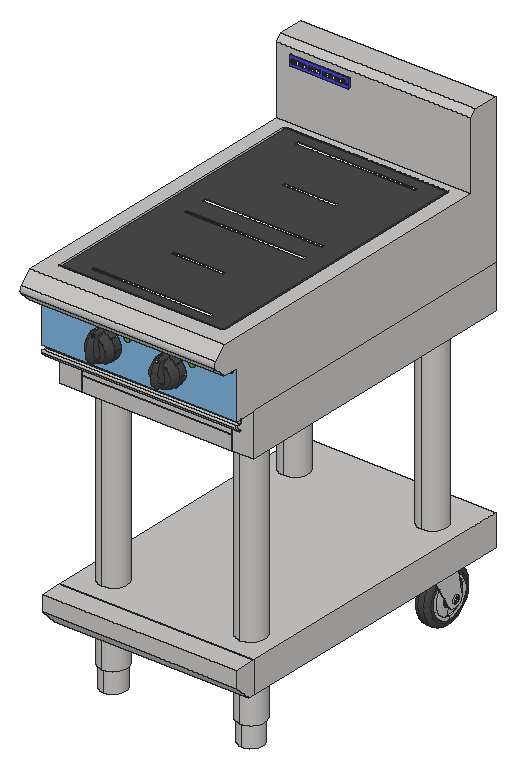
Revit family "QF_Moffat_IN512R3-LS_Induction_Cooktop_cat", category Specialty Equipment, Revit 2019
Family settings
  Round Connector Dimension = Use Diameter
  Part Type = Normal
  Work Plane-Based = No
  Always vertical = Yes
  Cut with Voids When Loaded = No
  Shared = No
  Room Calculation Point = No
Parameters (values of type "IN512R3-LS")
  Weight in Kilograms = 88
  Watts = 4150 W
  Volts = 415 V
  URL Cutsheet = ""
  Specification by User = ""
  Specification by Manufacturer = ""
  Show Logo [instance] = yes
  Show Legs [instance] = not(Show Castors)  # no
  Show Castors [instance] = yes
  Serial Number = ""
  Seismic Rating = ""
  SMACNA No = ""
  Revision Code = ""
  Phase = 3
  Number of Poles = 1
  NAFEM Spec ID Number = ""
  Model = "IN512R3-LS"
  Min Ckt Ampacity = 0 A
  Max Overcurrent Protection = 0 A
  Masterspec = ""
  Manufacturer = "Moffat"
  Length = 450 mm
  Item Number = ""
  Installed By = ""
  Identify Quantity as Lot = yes
  Height = 1085 mm
  HP = ""
  Furnished By = ""
  Foodservice Equipment Identifier = yes
  FL Amps = 10 A
  Electrical Remarks = ""
  Electric Connection Type = ""
  Elec Conn RI Height = 0 mm
  Elec Conn Connection Height = 0 mm
  Description = "Induction Cooktop"
  Depth = 812.2 mm
  Cycle = 60 Hz
  Conn Plug = ""
  Conn Conduit = yes
  CSI MasterFormat = ""
  Apparent Power = if(Phase = 3, Volts * FL Amps * 1.73, Volts * FL Amps)  # 7179.5 VA
Reference planes
  plane 1 "BACK": y = 0
  plane 2: z = 0
  plane 3 "LEFT": x = 0
  plane 4 "RIGHT": x = 450
  plane 5 "FRONT": y = -812.2
  plane 6 "TOP": z = 1085
  plane 7 "Center Y": x = 225
  plane 8 "Center X": y = -406.1
  plane 9: x = 65.5
  plane 10: x = 384.5
  plane 11: y = -30
  plane 12: x = 320
  plane 13: z = 635
  plane 14: y = -100
  plane 15: y = -625
  plane 16: z = 150
Forms (mm)
  Extrusion 1, solid, material "QF_Metal_Stainless_Polished"
    sketch origin (0, 0, 560) x (0, 1, 0) y (0, 0, 1)
      loop
        line (0, 180) -> (0, 525) -> (-57, 525) -> (-70, 512) -> (-70, 354.5) -> (-784.171, 354.5) -> (-808.685, 329.985)
        arc (-808.685, 329.985) -> (-812.2, 321.5) -> (-808.685, 313.015) r 12
        line (-808.685, 313.015) -> (-785.171, 289.5) -> (-749, 289.5) -> (-749, 180) -> (0, 180)
    from 0 to 450
  Extrusion 2, void
    sketch origin (0, -784.171, 914.5) x (0, 1, 0) y (-1, 0, 0)
      loop
        arc (696.671, -39.5) -> (694.913, -35.257) -> (690.671, -33.5) r 6
        line (690.671, -33.5) -> (44.671, -33.5)
        arc (44.671, -33.5) -> (40.428, -35.257) -> (38.671, -39.5) r 6
        line (38.671, -39.5) -> (38.671, -410.5)
        arc (38.671, -410.5) -> (40.428, -414.743) -> (44.671, -416.5) r 6
        line (44.671, -416.5) -> (690.671, -416.5)
        arc (690.671, -416.5) -> (694.913, -414.743) -> (696.671, -410.5) r 6
        line (696.671, -410.5) -> (696.671, -39.5)
    from 0 to -9.5
  Extrusion 3, solid, material "QF_Plastic_White_Smooth"
    sketch origin (0, -784.171, 905) x (0, 1, 0) y (-1, 0, 0)
      loop
        line (660.921, -362.5) -> (666.921, -362.5) -> (666.921, -87.5) -> (660.921, -87.5) -> (660.921, -362.5)
      loop
        line (526.421, -285) -> (532.421, -285) -> (532.421, -165) -> (526.421, -165) -> (526.421, -285)
      loop
        line (397.921, -87.5) -> (391.921, -87.5) -> (391.921, -362.5) -> (397.921, -362.5) -> (397.921, -87.5)
      loop
        line (337.421, -362.5) -> (343.421, -362.5) -> (343.421, -87.5) -> (337.421, -87.5) -> (337.421, -362.5)
      loop
        line (202.921, -285) -> (208.921, -285) -> (208.921, -165) -> (202.921, -165) -> (202.921, -285)
      loop
        line (74.421, -87.5) -> (68.421, -87.5) -> (68.421, -362.5) -> (74.421, -362.5) -> (74.421, -87.5)
    from 0 to 9.5
  Extrusion 4, solid, material "QF_Plastic_Black_Smooth"
    sketch origin (0, -784.171, 914.5) x (0, 1, 0) y (-1, 0, 0)
      loop
        line (692.671, -410.5) -> (692.671, -39.5)
        arc (692.671, -39.5) -> (692.085, -38.086) -> (690.671, -37.5) r 2
        line (690.671, -37.5) -> (44.671, -37.5)
        arc (44.671, -37.5) -> (43.256, -38.086) -> (42.671, -39.5) r 2
        line (42.671, -39.5) -> (42.671, -410.5)
        arc (42.671, -410.5) -> (43.256, -411.914) -> (44.671, -412.5) r 2
        line (44.671, -412.5) -> (690.671, -412.5)
        arc (690.671, -412.5) -> (692.085, -411.914) -> (692.671, -410.5) r 2
      loop
        line (666.921, -362.5) -> (666.921, -87.5) -> (660.921, -87.5) -> (660.921, -362.5) -> (666.921, -362.5)
      loop
        line (532.421, -285) -> (532.421, -165) -> (526.421, -165) -> (526.421, -285) -> (532.421, -285)
      loop
        line (397.921, -362.5) -> (397.921, -87.5) -> (391.921, -87.5) -> (391.921, -362.5) -> (397.921, -362.5)
      loop
        line (343.421, -87.5) -> (337.421, -87.5) -> (337.421, -362.5) -> (343.421, -362.5) -> (343.421, -87.5)
      loop
        line (208.921, -165) -> (202.921, -165) -> (202.921, -285) -> (208.921, -285) -> (208.921, -165)
      loop
        line (68.421, -362.5) -> (74.421, -362.5) -> (74.421, -87.5) -> (68.421, -87.5) -> (68.421, -362.5)
    from 0 to -9.5
  Extrusion 5, solid, material "QF_Metal_Stainless_Polished"
    sketch origin (0, 0, 600) x (0, 1, 0) y (0, 0, 1)
      loop
        line (-737.8, 140) -> (-737.8, 130) -> (-747.305, 130)
        arc (-747.305, 130) -> (-750.276, 128.015) -> (-749.579, 124.511) r 3.215
        line (-749.579, 124.511) -> (-739.05, 113.982) -> (-737.919, 115.113) -> (-748.447, 125.642)
        arc (-748.447, 125.642) -> (-748.797, 127.403) -> (-747.305, 128.4) r 1.615
        line (-747.305, 128.4) -> (-736.2, 128.4) -> (-736.2, 140) -> (-737.8, 140)
    from 0 to 450
  Extrusion 6, solid, material "QF_Plastic_Black_Smooth"
    sketch origin (0, -749, 743.875) x (0, 0, 1) y (-1, 0, 0)
      loop
        circle (97.343, -13.157) r 5
      loop
        circle (97.343, -436.843) r 5
      loop
        circle (97.343, -150) r 5
      loop
        circle (97.343, -300) r 5
    from 0 to 1.6
  Extrusion 7, solid, material "QF_Metal_Stainless_Polished"
    sketch origin (0, -699, 640) x (0, 1, 0) y (1, 0, 0)
      loop
        circle (669, 320) r 6.35
    from 0 to 1.6
  Extrusion 8, solid, material "QF_Metal_Stainless_Polished"
    sketch origin (0, -699, 645) x (1, 0, 0) y (0, -1, 0)
      loop
        line (0, -699) -> (450, -699) -> (450, 0) -> (399.2, 0) -> (399.2, -25.4) -> (50.8, -25.4) -> (50.8, 0) -> (0, 0) -> (0, -699)
    from 5 to -95
  Extrusion 9, solid, material "QF_Metal_Stainless_Polished"
    sketch origin (50.8, -30, 645) x (0, 1, 0) y (0, 0, 1)
      loop
        line (-669, -5) -> (-643.6, -5) -> (-643.6, 27.7) -> (-669, 27.7) -> (-669, -5)
      loop
        line (-669, 28.7) -> (-643.6, 28.7) -> (-643.6, 61.4) -> (-669, 61.4) -> (-669, 28.7)
      loop
        line (-669, 62.4) -> (-643.6, 62.4) -> (-643.6, 95) -> (-669, 95) -> (-669, 62.4)
    from 0 to 348.4
  Revolve 10, solid, material "QF_Metal_Stainless_Polished"
    sketch origin (65.5, -4572, 255.2) x (0, 0, -1) y (0, -1, 0)
      loop
        line (32.7, -4503.75) -> (32.7, -4472) -> (-384.8, -4472) -> (-384.8, -4503.75) -> (32.7, -4503.75)
      axis (-384.8, -4472) -> (32.7, -4472)
    angle from 0 to 360
  Revolve 11, solid, material "QF_Metal_Stainless_Polished"
    sketch origin (65.5, -4572, 255.2) x (0, 0, -1) y (0, -1, 0)
      loop
        line (255.2, -3974.5) -> (255.2, -3947) -> (-384.8, -3947) -> (-384.8, -3978.75) -> (205.2, -3978.75) -> (205.2, -3974.5) -> (255.2, -3974.5)
      axis (-384.8, -3947) -> (255.2, -3947)
    angle from 0 to 360
  Revolve 12, solid, material "QF_Metal_Stainless_Polished"
    sketch origin (384.5, -4572, 255.2) x (0, 0, -1) y (0, 1, 0)
      loop
        line (32.7, 4503.75) -> (-384.8, 4503.75) -> (-384.8, 4472) -> (32.7, 4472) -> (32.7, 4503.75)
      axis (-384.8, 4472) -> (32.7, 4472)
    angle from 0 to 360
  Revolve 13, solid, material "QF_Metal_Stainless_Polished"
    sketch origin (384.5, -4572, 255.2) x (0, 0, -1) y (0, 1, 0)
      loop
        line (255.2, 3974.5) -> (205.2, 3974.5) -> (205.2, 3978.75) -> (-384.8, 3978.75) -> (-384.8, 3947) -> (255.2, 3947) -> (255.2, 3974.5)
      axis (-384.8, 3947) -> (255.2, 3947)
    angle from 0 to 360
  Extrusion 14, solid, material "QF_Metal_Stainless_Polished"
    sketch origin (0, 0, 0) x (0, 1, 0) y (0, 0, 1)
      loop
        line (-747.95, 186) -> (-711.95, 150) -> (-697.95, 150) -> (-697.95, 222.5) -> (-747.95, 222.5) -> (-747.95, 186)
    from 0 to 450
  Extrusion 15, solid, material "QF_Metal_Stainless_Polished"
    sketch origin (0, 0, 0) x (0, 1, 0) y (0, 0, 1)
      loop
        line (-697.95, 222.5) -> (-697.95, 150) -> (0, 150) -> (0, 222.5) -> (-697.95, 222.5)
    from 0 to 450
  Revolve 16, solid, material "QF_Metal_Stainless_Polished", visible <- "Show Legs"
    sketch origin (65.5, -4047, 255.2) x (0, 0, -1) y (0, -1, 0)
      loop
        line (255.2, -3974.5) -> (255.2, -3947) -> (105.2, -3947) -> (105.2, -3978.75) -> (205.2, -3978.75) -> (205.2, -3974.5) -> (255.2, -3974.5)
      axis (105.2, -3947) -> (255.2, -3947)
    angle from 0 to 360
  Revolve 17, solid, material "QF_Metal_Stainless_Polished", visible <- "Show Legs"
    sketch origin (384.5, -4047, 255.2) x (0, 0, -1) y (0, -1, 0)
      loop
        line (255.2, -3974.5) -> (255.2, -3947) -> (105.2, -3947) -> (105.2, -3978.75) -> (205.2, -3978.75) -> (205.2, -3974.5) -> (255.2, -3974.5)
      axis (105.2, -3947) -> (255.2, -3947)
    angle from 0 to 360
  Extrusion 18, solid, material "QF_Paint_Green"
    sketch origin (-84.269, -749, 740) x (0, 0, 1) y (-1, 0, 0)
      loop
        circle (84.8, -282.5) r 7.15
    from 0 to 1.6
  Extrusion 19, solid, material "QF_Paint_Green"
    sketch origin (65.731, -749, 740) x (0, 0, 1) y (-1, 0, 0)
      loop
        circle (84.8, -282.5) r 7.15
    from 0 to 1.6
Cuts and joins
  Extrusion 2 cuts Extrusion 1
  joined: Revolve 11, Revolve 13, Extrusion 15
Lines and regions (mm)
  symbolic lines
    curve 1: line (0, 0, 0) -> (450, 0, 0)
    curve 2: line (0, -812.2, 0) -> (0, 0, 0)
    curve 3: line (450, -812.2, 0) -> (0, -812.2, 0)
    curve 4: line (450, 0, 0) -> (450, -812.2, 0)
    curve 5: line (0, -784.171, 0) -> (450, -784.171, 0)
    curve 6: line (0, -57, 0) -> (450, -57, 0)
    curve 7: line (0, -70, 0) -> (450, -70, 0)
    curve 8: line (39.5, -87.5, 0) -> (410.5, -87.5, 0)
    curve 9: arc (410.5, -87.5, 0) -> (414.743, -89.257, 0) -> (416.5, -93.5, 0) r 6
    curve 10: line (416.5, -93.5, 0) -> (416.5, -739.5, 0)
    curve 11: arc (416.5, -739.5, 0) -> (414.743, -743.743, 0) -> (410.5, -745.5, 0) r 6
    curve 12: line (410.5, -745.5, 0) -> (39.5, -745.5, 0)
    curve 13: arc (39.5, -745.5, 0) -> (35.257, -743.743, 0) -> (33.5, -739.5, 0) r 6
    curve 14: line (33.5, -739.5, 0) -> (33.5, -93.5, 0)
    curve 15: arc (33.5, -93.5, 0) -> (35.257, -89.257, 0) -> (39.5, -87.5, 0) r 6
    curve 16: line (410.5, -91.5, 0) -> (39.5, -91.5, 0)
    curve 17: arc (39.5, -91.5, 0) -> (38.086, -92.086, 0) -> (37.5, -93.5, 0) r 2
    curve 18: line (37.5, -93.5, 0) -> (37.5, -739.5, 0)
    curve 19: arc (37.5, -739.5, 0) -> (38.086, -740.914, 0) -> (39.5, -741.5, 0) r 2
    curve 20: line (39.5, -741.5, 0) -> (410.5, -741.5, 0)
    curve 21: arc (410.5, -741.5, 0) -> (411.914, -740.914, 0) -> (412.5, -739.5, 0) r 2
    curve 22: line (412.5, -739.5, 0) -> (412.5, -93.5, 0)
    curve 23: arc (412.5, -93.5, 0) -> (411.914, -92.086, 0) -> (410.5, -91.5, 0) r 2
    curve 24: line (362.5, -123.25, 0) -> (87.5, -123.25, 0)
    curve 25: line (87.5, -123.25, 0) -> (87.5, -117.25, 0)
    curve 26: line (87.5, -117.25, 0) -> (362.5, -117.25, 0)
    curve 27: line (362.5, -117.25, 0) -> (362.5, -123.25, 0)
    curve 28: line (285, -257.75, 0) -> (165, -257.75, 0)
    curve 29: line (165, -257.75, 0) -> (165, -251.75, 0)
    curve 30: line (165, -251.75, 0) -> (285, -251.75, 0)
    curve 31: line (285, -251.75, 0) -> (285, -257.75, 0)
    curve 32: line (362.5, -392.25, 0) -> (87.5, -392.25, 0)
    curve 33: line (87.5, -392.25, 0) -> (87.5, -386.25, 0)
    curve 34: line (87.5, -386.25, 0) -> (362.5, -386.25, 0)
    curve 35: line (362.5, -386.25, 0) -> (362.5, -392.25, 0)
    curve 36: line (362.5, -446.75, 0) -> (87.5, -446.75, 0)
    curve 37: line (87.5, -446.75, 0) -> (87.5, -440.75, 0)
    curve 38: line (87.5, -440.75, 0) -> (362.5, -440.75, 0)
    curve 39: line (362.5, -440.75, 0) -> (362.5, -446.75, 0)
    curve 40: line (285, -581.25, 0) -> (165, -581.25, 0)
    curve 41: line (165, -581.25, 0) -> (165, -575.25, 0)
    curve 42: line (165, -575.25, 0) -> (285, -575.25, 0)
    curve 43: line (285, -575.25, 0) -> (285, -581.25, 0)
    curve 44: line (362.5, -715.75, 0) -> (87.5, -715.75, 0)
    curve 45: line (87.5, -715.75, 0) -> (87.5, -709.75, 0)
    curve 46: line (87.5, -709.75, 0) -> (362.5, -709.75, 0)
    curve 47: line (362.5, -709.75, 0) -> (362.5, -715.75, 0)
Dimensions and locks
  equal spacing: plane 3 "LEFT", plane 7 "Center Y", plane 4 "RIGHT"
  "Length": plane 3 "LEFT" to plane 4 "RIGHT"
  equal spacing: plane 5 "FRONT", plane 8 "Center X", plane 1 "BACK"
  "Depth": plane 5 "FRONT" to plane 1 "BACK"
  "Height": plane 6 "TOP" to level
  plane 9 to plane 10 = 319 mm
  plane 4 "RIGHT" to plane 3 "LEFT" = 450 mm
  plane 1 "BACK" to cut or joined group of Extrusion 1, Extrusion 2 = 70 mm
  plane 1 "BACK" to plane 5 "FRONT" = 812.2 mm
  plane 6 "TOP" to plane 2 = 1085 mm
  cut or joined group of Extrusion 1, Extrusion 2 to plane 2 = 914.5 mm
  locked: plane 12 to plane 4 "RIGHT" at 130
  plane 1 "BACK" to plane 11 = 30 mm
  plane 1 "BACK" to plane 14 to plane 15 = 100 mm, 525 mm
  plane 2 to plane 13 = 635 mm
  plane 16 to plane 2 = 150 mm
  aligned and locked: level to plane 2
Automatic sketch dimensions
  plane 1 "BACK" to curve 1 = 0 mm
  curve 1 to plane 3 "LEFT" = 0 mm
  curve 3 to plane 4 "RIGHT" = 0 mm
  plane 5 "FRONT" to curve 3 = 0 mm
  curve 3 to curve 5 = 28.029 mm
  curve 7 to plane 14 = 30 mm
  curve 7 to curve 6 = 13 mm
  Extrusion 1 sketch curve to plane 6 "TOP" = 0 mm
  Extrusion 1 sketch curve to plane 1 "BACK" = 0 mm
  plane 11 to Extrusion 1 sketch curve = 27 mm
  Extrusion 1 sketch curve to plane 6 "TOP" = 13 mm
  Extrusion 1 sketch curve to Extrusion 1 sketch curve = 13 mm
  Extrusion 1 sketch curve to plane 5 "FRONT" = 63.2 mm
  Extrusion 1 sketch curve to plane 5 "FRONT" = 28.029 mm
  Extrusion 1 sketch curve to plane 5 "FRONT" = 27.029 mm
  Extrusion 1 sketch curve to plane 5 "FRONT" = 12 mm
  Extrusion 1 sketch curve to plane 5 "FRONT" = 3.515 mm  (x2)
  Extrusion 1 sketch curve to plane 6 "TOP" = 170.5 mm
  Extrusion 1 sketch curve to Extrusion 1 sketch curve = 24.515 mm
  Extrusion 1 sketch curve to Extrusion 1 sketch curve = 8.485 mm
  Extrusion 1 sketch curve to Extrusion 1 sketch curve = 32 mm
  Extrusion 1 sketch curve to plane 13 = 105 mm
  Extrusion 2 sketch curve to Extrusion 1 = 38.671 mm
  Extrusion 2 sketch curve to Extrusion 2 sketch curve = 6 mm  (x3)
  Extrusion 1 to Extrusion 2 sketch curve = 23.5 mm  (x2)
  Extrusion 1 to Extrusion 2 sketch curve = 33.5 mm
  Extrusion 1 to Extrusion 2 sketch curve = 39.5 mm
  Extrusion 4 sketch curve to Extrusion 1 = 42.671 mm
  Extrusion 4 sketch curve to Extrusion 4 sketch curve = 2 mm  (x3)
  Extrusion 1 to Extrusion 4 sketch curve = 23.5 mm  (x2)
  Extrusion 1 to Extrusion 4 sketch curve = 37.5 mm
  Extrusion 1 to Extrusion 4 sketch curve = 39.5 mm
  Extrusion 5 sketch curve to Extrusion 5 sketch curve = 0 mm  (x2)
  Extrusion 5 sketch curve to plane 5 "FRONT" = 62.621 mm
  Extrusion 5 sketch curve to Extrusion 5 sketch curve = 1.131 mm  (x3)
  Extrusion 5 sketch curve to Extrusion 5 sketch curve = 1.142 mm  (x2)
  Extrusion 5 sketch curve to Extrusion 5 sketch curve = 10.529 mm
  Extrusion 5 sketch curve to Extrusion 5 sketch curve = 9.505 mm
  Extrusion 5 sketch curve to Extrusion 5 sketch curve = 1.6 mm
  Extrusion 5 sketch curve to plane 13 = 78.982 mm
  Extrusion 5 sketch curve to Extrusion 5 sketch curve = 10 mm
  Extrusion 8 to Extrusion 7 sketch curve = 30 mm
  Extrusion 7 sketch curve to Extrusion 8 = 79.2 mm
  plane 1 "BACK" to Extrusion 8 sketch curve = 0 mm
  Extrusion 8 sketch curve to plane 3 "LEFT" = 0 mm
  Extrusion 8 sketch curve to plane 4 "RIGHT" = 0 mm
  plane 9 to Extrusion 8 sketch curve = 14.7 mm
  Extrusion 8 sketch curve to plane 10 = 14.7 mm
  plane 15 to Extrusion 8 sketch curve = 48.6 mm
  Extrusion 8 sketch curve to Extrusion 8 sketch curve = 25.4 mm  (x2)
  Extrusion 9 sketch curve to Extrusion 8 = 0 mm  (x8)
  Extrusion 8 to Extrusion 9 sketch curve = 32.7 mm
  Extrusion 9 sketch curve to Extrusion 9 sketch curve = 1 mm  (x2)
  Extrusion 9 sketch curve to Extrusion 9 sketch curve = 32.7 mm
  Revolve 10 sketch curve to plane 14 = 0 mm  (x2)
  Revolve 10 sketch curve to plane 13 = 5 mm
  Revolve 10 sketch curve to plane 14 = 31.75 mm
  plane 16 to Revolve 10 sketch curve = 72.5 mm
  Revolve 10 sketch curve to Revolve 10 sketch curve = 0 mm
  plane 16 to Revolve 10 sketch curve = 25 mm
  Revolve 11 sketch curve to plane 15 = 0 mm  (x2)
  Revolve 11 sketch curve to level = 0 mm  (x2)
  level to Revolve 11 sketch curve = 50 mm
  Revolve 11 sketch curve to plane 13 = 5 mm
  Revolve 11 sketch curve to Revolve 11 sketch curve = 27.5 mm
  Revolve 11 sketch curve to Revolve 11 sketch curve = 31.75 mm
  Revolve 11 sketch curve to Revolve 11 sketch curve = 25 mm
  Revolve 12 sketch curve to plane 14 = 0 mm  (x2)
  Revolve 12 sketch curve to plane 13 = 5 mm
  Revolve 12 sketch curve to plane 14 = 31.75 mm
  plane 16 to Revolve 12 sketch curve = 72.5 mm
  Revolve 12 sketch curve to Revolve 12 sketch curve = 0 mm
  Revolve 12 sketch curve to Revolve 12 sketch curve = 25 mm
  Revolve 13 sketch curve to plane 15 = 0 mm  (x2)
  Revolve 13 sketch curve to level = 0 mm  (x2)
  level to Revolve 13 sketch curve = 50 mm
  Revolve 13 sketch curve to plane 13 = 5 mm
  Revolve 13 sketch curve to plane 15 = 27.5 mm
  Revolve 13 sketch curve to Revolve 13 sketch curve = 4.25 mm
  Revolve 13 sketch curve to Revolve 13 sketch curve = 25 mm
  Extrusion 14 sketch curve to plane 16 = 0 mm
  Extrusion 14 sketch curve to plane 5 "FRONT" = 64.25 mm
  Extrusion 14 sketch curve to Extrusion 14 sketch curve = 36 mm
  Extrusion 14 sketch curve to Extrusion 14 sketch curve = 14 mm
  plane 16 to Extrusion 14 sketch curve = 36 mm
  Extrusion 14 sketch curve to Extrusion 14 sketch curve = 36.5 mm
  Extrusion 15 sketch curve to plane 16 = 0 mm
  Extrusion 15 sketch curve to plane 1 "BACK" = 0 mm
  plane 15 to Extrusion 15 sketch curve = 72.95 mm
  Extrusion 15 sketch curve to Extrusion 15 sketch curve = 72.5 mm
  Revolve 16 sketch curve to plane 14 = 0 mm  (x2)
  Revolve 16 sketch curve to plane 16 = 0 mm
  Revolve 16 sketch curve to level = 0 mm  (x2)
  level to Revolve 16 sketch curve = 50 mm
  Revolve 16 sketch curve to Revolve 16 sketch curve = 27.5 mm
  Revolve 16 sketch curve to plane 14 = 31.75 mm
  Revolve 16 sketch curve to Revolve 16 sketch curve = 25 mm
  Revolve 17 sketch curve to plane 14 = 0 mm  (x2)
  Revolve 17 sketch curve to plane 16 = 0 mm
  Revolve 17 sketch curve to level = 0 mm  (x2)
  level to Revolve 17 sketch curve = 50 mm
  Revolve 17 sketch curve to Revolve 17 sketch curve = 27.5 mm
  Revolve 17 sketch curve to plane 14 = 31.75 mm
  Revolve 17 sketch curve to Revolve 17 sketch curve = 25 mm
  Extrusion 1 to Extrusion 18 sketch curve = 24.7 mm
  Extrusion 1 to Extrusion 18 sketch curve = 198.231 mm
  Extrusion 1 to Extrusion 19 sketch curve = 24.7 mm
  Extrusion 1 to Extrusion 19 sketch curve = 101.769 mm
  curve 14 to plane 14 = 6.5 mm
  plane 9 to curve 14 = 32 mm
  curve 14 to curve 15 = 6 mm
  curve 13 to curve 13 = 6 mm
  curve 9 to plane 14 = 6.5 mm
  curve 9 to plane 10 = 26 mm
  curve 12 to curve 10 = 6 mm
  curve 5 to curve 12 = 38.671 mm
  curve 9 to curve 23 = 0 mm  (x2)
  curve 11 to curve 21 = 0 mm  (x2)
  curve 13 to curve 19 = 0 mm  (x2)
  curve 15 to curve 17 = 0 mm
  curve 18 to curve 15 = 2 mm
  Extrusion 1 to Extrusion 4 sketch curve = 53.25 mm
  Extrusion 4 sketch curve to Extrusion 4 sketch curve = 6 mm  (x6)
  Extrusion 4 sketch curve to Extrusion 4 sketch curve = 48 mm  (x4)
  Extrusion 4 sketch curve to Extrusion 4 sketch curve = 134.5 mm  (x3)
  Extrusion 4 sketch curve to Extrusion 4 sketch curve = 77.5 mm  (x2)
  Extrusion 4 sketch curve to Extrusion 4 sketch curve = 120 mm  (x2)
  Extrusion 1 to Extrusion 4 sketch curve = 87.5 mm  (x2)
  Extrusion 4 sketch curve to Extrusion 4 sketch curve = 54.5 mm
  Extrusion 4 sketch curve to Extrusion 4 sketch curve = 0 mm  (x2)
  Extrusion 4 sketch curve to Extrusion 4 sketch curve = 23.75 mm
  Extrusion 3 sketch curve to Extrusion 2 = 35.75 mm  (x2)
  Extrusion 3 sketch curve to Extrusion 3 sketch curve = 6 mm  (x6)
  Extrusion 3 sketch curve to Extrusion 2 = 54 mm  (x7)
  Extrusion 3 sketch curve to Extrusion 3 sketch curve = 128.5 mm  (x3)
  Extrusion 3 sketch curve to Extrusion 2 = 131.5 mm  (x2)
  Extrusion 3 sketch curve to Extrusion 3 sketch curve = 120 mm  (x2)
  Extrusion 3 sketch curve to Extrusion 3 sketch curve = 48.5 mm
  Extrusion 3 sketch curve to Extrusion 3 sketch curve = 0 mm
  curve 24 to plane 9 = 22 mm
  plane 10 to curve 26 = 22 mm
  plane 14 to curve 24 = 23.25 mm
  curve 24 to curve 27 = 6 mm
  curve 28 to plane 7 "Center Y" = 60 mm
  plane 12 to curve 31 = 35 mm
  plane 8 "Center X" to curve 29 = 148.35 mm
  curve 28 to curve 30 = 6 mm
  curve 32 to plane 9 = 22 mm
  plane 10 to curve 34 = 22 mm
  plane 8 "Center X" to curve 32 = 13.85 mm
  curve 32 to curve 34 = 6 mm
  curve 38 to plane 9 = 22 mm
  plane 10 to curve 36 = 22 mm
  curve 37 to plane 8 "Center X" = 40.65 mm
  curve 36 to curve 38 = 6 mm
  curve 40 to plane 7 "Center Y" = 60 mm
  plane 12 to curve 43 = 35 mm
  curve 41 to plane 15 = 43.75 mm
  curve 40 to curve 42 = 6 mm
  curve 44 to plane 9 = 22 mm
  plane 10 to curve 46 = 22 mm
  curve 11 to curve 47 = 23.75 mm
  curve 44 to curve 47 = 6 mm
  Extrusion 1 to Extrusion 6 sketch curve = 8.282 mm  (x4)
  Extrusion 1 to Extrusion 6 sketch curve = 13.157 mm  (x2)
  Extrusion 6 sketch curve to Extrusion 6 sketch curve = 136.843 mm
  Extrusion 1 to Extrusion 6 sketch curve = 150 mm
  radius of Extrusion 7 sketch curve = 6.35 mm
  radius of Extrusion 18 sketch curve = 7.15 mm
  radius of Extrusion 19 sketch curve = 7.15 mm
  radius of Extrusion 6 sketch curve = 5 mm  (x4)
Nested families
  nested 1: "QF_LOGO_BLue Seal" at (32, -70, 1034.385), visible <- "Show Logo", type "QF_LOGO_BLue Seal"
  nested 2: "6 INCHES 02_CASTER" at (65.5, -100, 0), Show Casters <- "Show Castors", type "6 INCHES 02_CASTER"
    with Type Mark "", Specification by User "", Show Casters yes, Revision Code "", Item Number "", Installed By "", Identify Quantity as Lot yes, Furnished By "", Foodservice Equipment Identifier yes
  nested 3: "6 INCHES 02_CASTER" at (384.5, -100, 0), Show Casters <- "Show Castors", type "6 INCHES 02_CASTER"
    with Type Mark "", Specification by User "", Show Casters yes, Revision Code "", Item Number "", Installed By "", Identify Quantity as Lot yes, Furnished By "", Foodservice Equipment Identifier yes
  nested 4: "Knob" at (117.5, -739.5, 764.5), type "Knob"
  nested 5: "Knob" at (267.5, -739.5, 764.5), type "Knob"
Connectors
  electrical at (320, -30, 638.4), driven by "Volts", driven by "Watts"
    settings: on Extrusion 7, index 1, voltage 415 V, apparent load 4150 VA, apparent load phase1 0 VA, apparent load phase2 0 VA, apparent load phase3 0 VA, power factor 1, load classification "Other", number of poles 1, system type 30, power factor state 1, is connector primary yes, connector utility no, sub classification motor no, connector description "Electrical Connection"
Definition of nested family "QF_LOGO_BLue Seal"
  Parameters (values of type "QF_LOGO_BLue Seal")
    Weight in Pounds = 0
    URL Cutsheet = ""
    Specification by User = ""
    Specification by Manufacturer = ""
    Serial Number = ""
    Seismic Rating = ""
    SMACNA No = ""
    Revision Code = ""
    NAFEM Spec ID Number = ""
    Masterspec = ""
    Length = 138 mm
    Item Number = ""
    Installed By = ""
    Identify Quantity as Lot = yes
    Height = 23 mm
    Furnished By = ""
    Foodservice Equipment Identifier = yes
    Depth = 3.175 mm
    CSI MasterFormat = ""
  Reference planes
    plane 1 "BACK": y = 0
    plane 2: z = 0
    plane 3 "LEFT": x = 0
    plane 4 "RIGHT": x = 138
    plane 5 "FRONT": y = -3.175
    plane 6 "TOP": z = 23
    plane 7 "Center Y": x = 69
    plane 8 "Center X": y = -1.587
  Forms (mm)
    Extrusion 1, solid
      sketch origin (0, 0, 0) x (1, 0, 0) y (0, 0, 1)
        loop
          arc (2, 23) -> (0.586, 22.414) -> (0, 21) r 2
          line (0, 21) -> (0, 2)
          arc (0, 2) -> (0.586, 0.586) -> (2, 0) r 2
          line (2, 0) -> (136, 0)
          arc (136, 0) -> (137.414, 0.586) -> (138, 2) r 2
          line (138, 2) -> (138, 21)
          arc (138, 21) -> (137.414, 22.414) -> (136, 23) r 2
          line (136, 23) -> (2, 23)
        loop
          arc (16.625, 15.317) -> (15.943, 15.034) -> (15.66, 14.352) r 0.965
          line (15.66, 14.352) -> (15.66, 8.169)
          arc (15.66, 8.169) -> (15.953, 7.461) -> (16.66, 7.169) r 1
          line (16.66, 7.169) -> (27.958, 7.169)
          arc (27.958, 7.169) -> (29.995, 9.206) -> (27.958, 11.243) r 2.037
          arc (27.958, 11.243) -> (29.995, 13.28) -> (27.958, 15.317) r 2.037
          line (27.958, 15.317) -> (16.625, 15.317)
        loop
          line (21.163, 13.835) -> (21.163, 12.291) -> (23.596, 12.291)
          arc (23.596, 12.291) -> (24.368, 13.063) -> (23.596, 13.835) r 0.772
          line (23.596, 13.835) -> (21.163, 13.835)
        loop
          line (21.163, 8.544) -> (23.596, 8.544)
          arc (23.596, 8.544) -> (24.368, 9.316) -> (23.596, 10.089) r 0.772
          line (23.596, 10.089) -> (21.163, 10.089) -> (21.163, 8.544)
        loop
          arc (32.475, 15.317) -> (31.768, 15.024) -> (31.475, 14.317) r 1
          line (31.475, 14.317) -> (31.475, 8.169)
          arc (31.475, 8.169) -> (31.768, 7.461) -> (32.475, 7.169) r 1
          line (32.475, 7.169) -> (41.849, 7.169)
          arc (41.849, 7.169) -> (42.859, 8.178) -> (41.849, 9.188) r 1.01
          line (41.849, 9.188) -> (37.262, 9.188) -> (37.262, 14.317)
          arc (37.262, 14.317) -> (36.969, 15.024) -> (36.262, 15.317) r 1
          line (36.262, 15.317) -> (32.475, 15.317)
        loop
          arc (44.648, 15.317) -> (43.941, 15.024) -> (43.648, 14.317) r 1
          line (43.648, 14.317) -> (43.648, 9.124)
          arc (43.648, 9.124) -> (44.221, 7.741) -> (45.604, 7.169) r 1.956
          line (45.604, 7.169) -> (55.306, 7.169)
          arc (55.306, 7.169) -> (56.749, 7.766) -> (57.347, 9.209) r 2.04
          line (57.347, 9.209) -> (57.347, 14.358)
          arc (57.347, 14.358) -> (57.066, 15.036) -> (56.388, 15.317) r 0.959
          line (56.388, 15.317) -> (52.676, 15.317)
          arc (52.676, 15.317) -> (51.968, 15.024) -> (51.676, 14.317) r 1
          line (51.676, 14.317) -> (51.676, 10.17)
          arc (51.676, 10.17) -> (50.529, 9.024) -> (49.383, 10.17) r 1.146
          line (49.383, 10.17) -> (49.383, 14.317)
          arc (49.383, 14.317) -> (49.09, 15.024) -> (48.383, 15.317) r 1
          line (48.383, 15.317) -> (44.648, 15.317)
        loop
          arc (60.035, 15.317) -> (59.328, 15.024) -> (59.035, 14.317) r 1
          line (59.035, 14.317) -> (59.035, 8.169)
          arc (59.035, 8.169) -> (59.328, 7.461) -> (60.035, 7.169) r 1
          line (60.035, 7.169) -> (69.845, 7.169)
          arc (69.845, 7.169) -> (70.828, 8.152) -> (69.845, 9.135) r 0.983
          line (69.845, 9.135) -> (65.06, 9.135) -> (65.06, 10.415) -> (69.988, 10.415)
          arc (69.988, 10.415) -> (70.828, 11.255) -> (69.988, 12.095) r 0.84
          line (69.988, 12.095) -> (65.06, 12.095) -> (65.06, 13.215) -> (69.777, 13.215)
          arc (69.777, 13.215) -> (70.828, 14.266) -> (69.777, 15.317) r 1.051
          line (69.777, 15.317) -> (60.035, 15.317)
        loop
          line (77.315, 14.317) -> (77.315, 11.634)
          arc (77.315, 11.634) -> (77.608, 10.927) -> (78.315, 10.634) r 1
          line (78.315, 10.634) -> (85.957, 10.634) -> (85.957, 8.756) -> (82.871, 8.756) -> (82.871, 9.708) -> (77.315, 9.708) -> (77.315, 8.169)
          arc (77.315, 8.169) -> (77.608, 7.461) -> (78.315, 7.169) r 1
          line (78.315, 7.169) -> (90.614, 7.169)
          arc (90.614, 7.169) -> (91.321, 7.461) -> (91.614, 8.169) r 1
          line (91.614, 8.169) -> (91.614, 11.073)
          arc (91.614, 11.073) -> (91.322, 11.778) -> (90.617, 12.07) r 0.996
          line (90.617, 12.07) -> (82.871, 12.07) -> (82.871, 13.786) -> (85.957, 13.786) -> (85.957, 12.856) -> (91.614, 12.856) -> (91.614, 14.317)
          arc (91.614, 14.317) -> (91.321, 15.024) -> (90.614, 15.317) r 1
          line (90.614, 15.317) -> (78.315, 15.317)
          arc (78.315, 15.317) -> (77.608, 15.024) -> (77.315, 14.317) r 1
        loop
          arc (107.404, 15.317) -> (106.697, 15.024) -> (106.404, 14.317) r 1
          line (106.404, 14.317) -> (106.404, 8.169)
          arc (106.404, 8.169) -> (106.697, 7.461) -> (107.404, 7.169) r 1
          line (107.404, 7.169) -> (111.34, 7.169)
          arc (111.34, 7.169) -> (112.047, 7.461) -> (112.34, 8.169) r 1
          line (112.34, 8.169) -> (112.34, 9.135) -> (115.1, 9.135) -> (115.1, 8.169)
          arc (115.1, 8.169) -> (115.393, 7.461) -> (116.1, 7.169) r 1
          line (116.1, 7.169) -> (119.975, 7.169)
          arc (119.975, 7.169) -> (120.682, 7.461) -> (120.975, 8.169) r 1
          line (120.975, 8.169) -> (120.975, 14.317)
          arc (120.975, 14.317) -> (120.682, 15.024) -> (119.975, 15.317) r 1
          line (119.975, 15.317) -> (107.404, 15.317)
        loop
          arc (94.016, 15.317) -> (93.309, 15.024) -> (93.016, 14.317) r 1
          line (93.016, 14.317) -> (93.016, 8.169)
          arc (93.016, 8.169) -> (93.309, 7.461) -> (94.016, 7.169) r 1
          line (94.016, 7.169) -> (103.826, 7.169)
          arc (103.826, 7.169) -> (104.809, 8.152) -> (103.826, 9.135) r 0.983
          line (103.826, 9.135) -> (99.041, 9.135) -> (99.041, 10.415) -> (103.969, 10.415)
          arc (103.969, 10.415) -> (104.809, 11.255) -> (103.969, 12.095) r 0.84
          line (103.969, 12.095) -> (99.041, 12.095) -> (99.041, 13.215) -> (103.759, 13.215)
          arc (103.759, 13.215) -> (104.809, 14.266) -> (103.759, 15.317) r 1.051
          line (103.759, 15.317) -> (94.016, 15.317)
        loop
          line (112.34, 11.583) -> (115.1, 11.583) -> (115.1, 12.915)
          arc (115.1, 12.915) -> (114.954, 13.268) -> (114.6, 13.415) r 0.5
          line (114.6, 13.415) -> (112.84, 13.415)
          arc (112.84, 13.415) -> (112.487, 13.268) -> (112.34, 12.915) r 0.5
          line (112.34, 12.915) -> (112.34, 11.583)
        loop
          arc (123.692, 15.317) -> (122.985, 15.024) -> (122.692, 14.317) r 1
          line (122.692, 14.317) -> (122.692, 8.169)
          arc (122.692, 8.169) -> (122.985, 7.461) -> (123.692, 7.169) r 1
          line (123.692, 7.169) -> (133.067, 7.169)
          arc (133.067, 7.169) -> (134.076, 8.178) -> (133.067, 9.188) r 1.01
          line (133.067, 9.188) -> (128.479, 9.188) -> (128.479, 14.317)
          arc (128.479, 14.317) -> (128.186, 15.024) -> (127.479, 15.317) r 1
          line (127.479, 15.317) -> (123.692, 15.317)
        loop
          circle (8.135, 11.2) r 4.581
      from 0 to 3.2
    Extrusion 2, solid
      sketch origin (0, 0, 0) x (1, 0, 0) y (0, 0, 1)
        loop
          circle (8.135, 11.2) r 4.581
        loop
          line (8.289, 15.169) -> (8.289, 7.231)
          arc (8.289, 7.231) -> (12.08, 11.2) -> (8.289, 15.169) r 3.973
        loop
          arc (16.625, 15.317) -> (15.943, 15.034) -> (15.66, 14.352) r 0.965
          line (15.66, 14.352) -> (15.66, 8.169)
          arc (15.66, 8.169) -> (15.953, 7.461) -> (16.66, 7.169) r 1
          line (16.66, 7.169) -> (27.958, 7.169)
          arc (27.958, 7.169) -> (29.995, 9.206) -> (27.958, 11.243) r 2.037
          arc (27.958, 11.243) -> (29.995, 13.28) -> (27.958, 15.317) r 2.037
          line (27.958, 15.317) -> (16.625, 15.317)
        loop
          line (21.163, 12.291) -> (23.596, 12.291)
          arc (23.596, 12.291) -> (24.368, 13.063) -> (23.596, 13.835) r 0.772
          line (23.596, 13.835) -> (21.163, 13.835) -> (21.163, 12.291)
        loop
          line (23.596, 10.089) -> (21.163, 10.089) -> (21.163, 8.544) -> (23.596, 8.544)
          arc (23.596, 8.544) -> (24.368, 9.316) -> (23.596, 10.089) r 0.772
        loop
          arc (37.262, 14.317) -> (36.969, 15.024) -> (36.262, 15.317) r 1
          line (36.262, 15.317) -> (32.475, 15.317)
          arc (32.475, 15.317) -> (31.768, 15.024) -> (31.475, 14.317) r 1
          line (31.475, 14.317) -> (31.475, 8.169)
          arc (31.475, 8.169) -> (31.768, 7.461) -> (32.475, 7.169) r 1
          line (32.475, 7.169) -> (41.849, 7.169)
          arc (41.849, 7.169) -> (42.859, 8.178) -> (41.849, 9.188) r 1.01
          line (41.849, 9.188) -> (37.262, 9.188) -> (37.262, 14.317)
        loop
          arc (43.648, 9.124) -> (44.221, 7.741) -> (45.604, 7.169) r 1.956
          line (45.604, 7.169) -> (55.306, 7.169)
          arc (55.306, 7.169) -> (56.749, 7.766) -> (57.347, 9.209) r 2.04
          line (57.347, 9.209) -> (57.347, 14.358)
          arc (57.347, 14.358) -> (57.066, 15.036) -> (56.388, 15.317) r 0.959
          line (56.388, 15.317) -> (52.676, 15.317)
          arc (52.676, 15.317) -> (51.968, 15.024) -> (51.676, 14.317) r 1
          line (51.676, 14.317) -> (51.676, 10.17)
          arc (51.676, 10.17) -> (50.529, 9.024) -> (49.383, 10.17) r 1.146
          line (49.383, 10.17) -> (49.383, 14.317)
          arc (49.383, 14.317) -> (49.09, 15.024) -> (48.383, 15.317) r 1
          line (48.383, 15.317) -> (44.648, 15.317)
          arc (44.648, 15.317) -> (43.941, 15.024) -> (43.648, 14.317) r 1
          line (43.648, 14.317) -> (43.648, 9.124)
        loop
          arc (69.777, 13.215) -> (70.828, 14.266) -> (69.777, 15.317) r 1.051
          line (69.777, 15.317) -> (60.035, 15.317)
          arc (60.035, 15.317) -> (59.328, 15.024) -> (59.035, 14.317) r 1
          line (59.035, 14.317) -> (59.035, 8.169)
          arc (59.035, 8.169) -> (59.328, 7.461) -> (60.035, 7.169) r 1
          line (60.035, 7.169) -> (69.845, 7.169)
          arc (69.845, 7.169) -> (70.828, 8.152) -> (69.845, 9.135) r 0.983
          line (69.845, 9.135) -> (65.06, 9.135) -> (65.06, 10.415) -> (69.988, 10.415)
          arc (69.988, 10.415) -> (70.828, 11.255) -> (69.988, 12.095) r 0.84
          line (69.988, 12.095) -> (65.06, 12.095) -> (65.06, 13.215) -> (69.777, 13.215)
        loop
          line (82.871, 13.786) -> (85.957, 13.786) -> (85.957, 12.856) -> (91.614, 12.856) -> (91.614, 14.317)
          arc (91.614, 14.317) -> (91.321, 15.024) -> (90.614, 15.317) r 1
          line (90.614, 15.317) -> (78.315, 15.317)
          arc (78.315, 15.317) -> (77.608, 15.024) -> (77.315, 14.317) r 1
          line (77.315, 14.317) -> (77.315, 11.634)
          arc (77.315, 11.634) -> (77.608, 10.927) -> (78.315, 10.634) r 1
          line (78.315, 10.634) -> (85.957, 10.634) -> (85.957, 8.756) -> (82.871, 8.756) -> (82.871, 9.708) -> (77.315, 9.708) -> (77.315, 8.169)
          arc (77.315, 8.169) -> (77.608, 7.461) -> (78.315, 7.169) r 1
          line (78.315, 7.169) -> (90.614, 7.169)
          arc (90.614, 7.169) -> (91.321, 7.461) -> (91.614, 8.169) r 1
          line (91.614, 8.169) -> (91.614, 11.073)
          arc (91.614, 11.073) -> (91.322, 11.778) -> (90.617, 12.07) r 0.996
          line (90.617, 12.07) -> (82.871, 12.07) -> (82.871, 13.786)
        loop
          arc (103.759, 13.215) -> (104.809, 14.266) -> (103.759, 15.317) r 1.051
          line (103.759, 15.317) -> (94.016, 15.317)
          arc (94.016, 15.317) -> (93.309, 15.024) -> (93.016, 14.317) r 1
          line (93.016, 14.317) -> (93.016, 8.169)
          arc (93.016, 8.169) -> (93.309, 7.461) -> (94.016, 7.169) r 1
          line (94.016, 7.169) -> (103.826, 7.169)
          arc (103.826, 7.169) -> (104.809, 8.152) -> (103.826, 9.135) r 0.983
          line (103.826, 9.135) -> (99.041, 9.135) -> (99.041, 10.415) -> (103.969, 10.415)
          arc (103.969, 10.415) -> (104.809, 11.255) -> (103.969, 12.095) r 0.84
          line (103.969, 12.095) -> (99.041, 12.095) -> (99.041, 13.215) -> (103.759, 13.215)
        loop
          line (112.34, 12.915) -> (112.34, 11.583) -> (115.1, 11.583) -> (115.1, 12.915)
          arc (115.1, 12.915) -> (114.954, 13.268) -> (114.6, 13.415) r 0.5
          line (114.6, 13.415) -> (112.84, 13.415)
          arc (112.84, 13.415) -> (112.487, 13.268) -> (112.34, 12.915) r 0.5
        loop
          arc (119.975, 7.169) -> (120.682, 7.461) -> (120.975, 8.169) r 1
          line (120.975, 8.169) -> (120.975, 14.317)
          arc (120.975, 14.317) -> (120.682, 15.024) -> (119.975, 15.317) r 1
          line (119.975, 15.317) -> (107.404, 15.317)
          arc (107.404, 15.317) -> (106.697, 15.024) -> (106.404, 14.317) r 1
          line (106.404, 14.317) -> (106.404, 8.169)
          arc (106.404, 8.169) -> (106.697, 7.461) -> (107.404, 7.169) r 1
          line (107.404, 7.169) -> (111.34, 7.169)
          arc (111.34, 7.169) -> (112.047, 7.461) -> (112.34, 8.169) r 1
          line (112.34, 8.169) -> (112.34, 9.135) -> (115.1, 9.135) -> (115.1, 8.169)
          arc (115.1, 8.169) -> (115.393, 7.461) -> (116.1, 7.169) r 1
          line (116.1, 7.169) -> (119.975, 7.169)
        loop
          arc (122.692, 8.169) -> (122.985, 7.461) -> (123.692, 7.169) r 1
          line (123.692, 7.169) -> (133.067, 7.169)
          arc (133.067, 7.169) -> (134.076, 8.178) -> (133.067, 9.188) r 1.01
          line (133.067, 9.188) -> (128.479, 9.188) -> (128.479, 14.317)
          arc (128.479, 14.317) -> (128.186, 15.024) -> (127.479, 15.317) r 1
          line (127.479, 15.317) -> (123.692, 15.317)
          arc (123.692, 15.317) -> (122.985, 15.024) -> (122.692, 14.317) r 1
          line (122.692, 14.317) -> (122.692, 8.169)
        loop
          line (8.019, 7.227) -> (8.019, 15.172)
          arc (8.019, 15.172) -> (4.133, 11.2) -> (8.019, 7.227) r 3.973
      from 0 to 3.2
    Extrusion 3, solid
      sketch origin (0, 0, 0) x (1, 0, 0) y (0, 0, 1)
        loop
          line (8.289, 15.169) -> (8.289, 7.231)
          arc (8.289, 7.231) -> (12.08, 11.2) -> (8.289, 15.169) r 3.973
      from 0 to 3.2
    Extrusion 4, solid
      sketch origin (16.271, 0, 0) x (-1, 0, 0) y (0, 0, -1)
        loop
          arc (8.252, -15.172) -> (12.138, -11.2) -> (8.252, -7.227) r 3.973
          line (8.252, -7.227) -> (8.252, -15.172)
      from 0 to 3.2
  Dimensions and locks
    equal spacing: plane 3 "LEFT", plane 7 "Center Y", plane 4 "RIGHT"
    "Length": plane 3 "LEFT" to plane 4 "RIGHT"
    equal spacing: plane 5 "FRONT", plane 8 "Center X", plane 1 "BACK"
    "Depth": plane 5 "FRONT" to plane 1 "BACK"
    "Height": plane 6 "TOP" to level
    plane 4 "RIGHT" to plane 3 "LEFT" = 138 mm
    aligned and locked: level to plane 2
  Automatic sketch dimensions
    Extrusion 1 sketch curve to Extrusion 1 sketch curve = 0 mm  (x12)
    Extrusion 1 sketch curve to plane 3 "LEFT" = 0 mm
    Extrusion 1 sketch curve to level = 0 mm
    Extrusion 1 sketch curve to plane 6 "TOP" = 0 mm
    plane 4 "RIGHT" to Extrusion 1 sketch curve = 0 mm
    plane 3 "LEFT" to Extrusion 1 sketch curve = 2 mm
    Extrusion 1 sketch curve to Extrusion 1 sketch curve = 2 mm
    plane 3 "LEFT" to Extrusion 1 sketch curve = 8.135 mm
    Extrusion 1 sketch curve to Extrusion 1 sketch curve = 7.524 mm
    Extrusion 1 sketch curve to Extrusion 1 sketch curve = 0.965 mm
    Extrusion 1 sketch curve to Extrusion 1 sketch curve = 1 mm  (x22)
    Extrusion 1 sketch curve to Extrusion 1 sketch curve = 4.503 mm
    Extrusion 1 sketch curve to Extrusion 1 sketch curve = 2.434 mm  (x2)
    Extrusion 1 sketch curve to Extrusion 1 sketch curve = 4.362 mm
    Extrusion 1 sketch curve to Extrusion 1 sketch curve = 3.517 mm
    Extrusion 1 sketch curve to Extrusion 1 sketch curve = 3.787 mm  (x2)
    Extrusion 1 sketch curve to Extrusion 1 sketch curve = 4.787 mm
    Extrusion 1 sketch curve to Extrusion 1 sketch curve = 4.588 mm
    Extrusion 1 sketch curve to Extrusion 1 sketch curve = 1.798 mm
    Extrusion 1 sketch curve to Extrusion 1 sketch curve = 1.956 mm  (x2)
    Extrusion 1 sketch curve to Extrusion 1 sketch curve = 3.735 mm
    Extrusion 1 sketch curve to Extrusion 1 sketch curve = 3.779 mm
    Extrusion 1 sketch curve to Extrusion 1 sketch curve = 1.146 mm
    Extrusion 1 sketch curve to Extrusion 1 sketch curve = 3.631 mm
    Extrusion 1 sketch curve to Extrusion 1 sketch curve = 3.713 mm
    Extrusion 1 sketch curve to Extrusion 1 sketch curve = 0.959 mm
    Extrusion 1 sketch curve to Extrusion 1 sketch curve = 1.688 mm
    Extrusion 1 sketch curve to plane 7 "Center Y" = 3.94 mm
    plane 7 "Center Y" to Extrusion 1 sketch curve = 0.777 mm
    plane 7 "Center Y" to Extrusion 1 sketch curve = 0.845 mm
    plane 7 "Center Y" to Extrusion 1 sketch curve = 0.988 mm
    Extrusion 1 sketch curve to Extrusion 1 sketch curve = 7.327 mm
    Extrusion 1 sketch curve to Extrusion 1 sketch curve = 4.556 mm
    Extrusion 1 sketch curve to Extrusion 1 sketch curve = 3.087 mm
    Extrusion 1 sketch curve to Extrusion 1 sketch curve = 4.657 mm  (x2)
    Extrusion 1 sketch curve to Extrusion 1 sketch curve = 0.004 mm
    Extrusion 1 sketch curve to Extrusion 1 sketch curve = 0.996 mm  (x2)
    Extrusion 1 sketch curve to Extrusion 1 sketch curve = 1.402 mm
    Extrusion 1 sketch curve to Extrusion 1 sketch curve = 5.025 mm
    Extrusion 1 sketch curve to Extrusion 1 sketch curve = 4.717 mm
    Extrusion 1 sketch curve to Extrusion 1 sketch curve = 4.785 mm
    Extrusion 1 sketch curve to Extrusion 1 sketch curve = 0.211 mm
    Extrusion 1 sketch curve to Extrusion 1 sketch curve = 2.645 mm
    Extrusion 1 sketch curve to Extrusion 1 sketch curve = 3.936 mm
    Extrusion 1 sketch curve to Extrusion 1 sketch curve = 0.5 mm  (x2)
    Extrusion 1 sketch curve to Extrusion 1 sketch curve = 1.76 mm
    Extrusion 1 sketch curve to Extrusion 1 sketch curve = 2.76 mm
    Extrusion 1 sketch curve to Extrusion 1 sketch curve = 4.875 mm
    Extrusion 1 sketch curve to Extrusion 1 sketch curve = 3.875 mm
    Extrusion 1 sketch curve to Extrusion 1 sketch curve = 1.717 mm
    plane 4 "RIGHT" to Extrusion 1 sketch curve = 4.933 mm
    plane 4 "RIGHT" to Extrusion 1 sketch curve = 2 mm  (x2)
    level to Extrusion 1 sketch curve = 7.169 mm  (x5)
    Extrusion 1 sketch curve to Extrusion 1 sketch curve = 5.169 mm
    Extrusion 1 sketch curve to Extrusion 1 sketch curve = 0.983 mm  (x2)
    Extrusion 1 sketch curve to Extrusion 1 sketch curve = 1.01 mm  (x2)
    Extrusion 1 sketch curve to Extrusion 1 sketch curve = 0.376 mm
    Extrusion 1 sketch curve to Extrusion 1 sketch curve = 0.588 mm
    Extrusion 1 sketch curve to Extrusion 1 sketch curve = 0.966 mm
    Extrusion 1 sketch curve to Extrusion 1 sketch curve = 2.037 mm  (x2)
    Extrusion 1 sketch curve to Extrusion 1 sketch curve = 0.772 mm  (x2)
    Extrusion 1 sketch curve to Extrusion 1 sketch curve = 0.952 mm
    Extrusion 1 sketch curve to Extrusion 1 sketch curve = 1.046 mm
    Extrusion 1 sketch curve to Extrusion 1 sketch curve = 1.28 mm  (x2)
    Extrusion 1 sketch curve to Extrusion 1 sketch curve = 1.878 mm
    Extrusion 1 sketch curve to Extrusion 1 sketch curve = 2.905 mm
    Extrusion 1 sketch curve to Extrusion 1 sketch curve = 3.031 mm
    Extrusion 1 sketch curve to Extrusion 1 sketch curve = 0.84 mm  (x2)
    Extrusion 1 sketch curve to Extrusion 1 sketch curve = 2.448 mm
    Extrusion 1 sketch curve to Extrusion 1 sketch curve = 2.202 mm
    Extrusion 1 sketch curve to Extrusion 1 sketch curve = 0.786 mm
    Extrusion 1 sketch curve to Extrusion 1 sketch curve = 1.332 mm
    Extrusion 1 sketch curve to Extrusion 1 sketch curve = 1.12 mm  (x2)
    Extrusion 1 sketch curve to Extrusion 1 sketch curve = 1.716 mm
    Extrusion 1 sketch curve to Extrusion 1 sketch curve = 1.051 mm  (x2)
    Extrusion 1 sketch curve to Extrusion 1 sketch curve = 4.147 mm
    Extrusion 1 sketch curve to Extrusion 1 sketch curve = 5.129 mm
    Extrusion 1 sketch curve to Extrusion 1 sketch curve = 0.051 mm
    Extrusion 1 sketch curve to Extrusion 1 sketch curve = 1.037 mm
    Extrusion 1 sketch curve to Extrusion 1 sketch curve = 0.516 mm
    plane 3 "LEFT" to Extrusion 1 sketch curve = 3.555 mm
    Extrusion 2 sketch curve to Extrusion 2 sketch curve = 0 mm  (x16)
    plane 3 "LEFT" to Extrusion 2 sketch curve = 8.019 mm
    Extrusion 2 sketch curve to Extrusion 2 sketch curve = 0.088 mm
    Extrusion 2 sketch curve to Extrusion 2 sketch curve = 0.029 mm
    Extrusion 2 sketch curve to Extrusion 2 sketch curve = 0.27 mm
    Extrusion 2 sketch curve to Extrusion 2 sketch curve = 7.371 mm
    Extrusion 2 sketch curve to Extrusion 2 sketch curve = 0.965 mm
    Extrusion 2 sketch curve to Extrusion 2 sketch curve = 1 mm  (x24)
    Extrusion 2 sketch curve to Extrusion 2 sketch curve = 4.503 mm
    Extrusion 2 sketch curve to Extrusion 2 sketch curve = 2.434 mm
    Extrusion 2 sketch curve to Extrusion 2 sketch curve = 4.362 mm
    Extrusion 2 sketch curve to Extrusion 2 sketch curve = 3.517 mm
    Extrusion 2 sketch curve to Extrusion 2 sketch curve = 3.787 mm  (x2)
    Extrusion 2 sketch curve to Extrusion 2 sketch curve = 4.787 mm  (x2)
    Extrusion 2 sketch curve to Extrusion 2 sketch curve = 4.588 mm  (x2)
    Extrusion 2 sketch curve to Extrusion 2 sketch curve = 1.798 mm
    Extrusion 2 sketch curve to Extrusion 2 sketch curve = 1.956 mm
    Extrusion 2 sketch curve to Extrusion 2 sketch curve = 3.735 mm
    Extrusion 2 sketch curve to Extrusion 2 sketch curve = 1.146 mm
    Extrusion 2 sketch curve to Extrusion 2 sketch curve = 3.631 mm
    Extrusion 2 sketch curve to Extrusion 2 sketch curve = 3.713 mm
    Extrusion 2 sketch curve to Extrusion 2 sketch curve = 0.959 mm
    Extrusion 2 sketch curve to Extrusion 2 sketch curve = 1.688 mm
    Extrusion 2 sketch curve to plane 7 "Center Y" = 3.94 mm
    plane 7 "Center Y" to Extrusion 2 sketch curve = 0.777 mm
    plane 7 "Center Y" to Extrusion 2 sketch curve = 0.845 mm
    plane 7 "Center Y" to Extrusion 2 sketch curve = 0.988 mm
    Extrusion 2 sketch curve to Extrusion 2 sketch curve = 7.327 mm
    Extrusion 2 sketch curve to Extrusion 2 sketch curve = 4.556 mm
    Extrusion 2 sketch curve to Extrusion 2 sketch curve = 3.087 mm
    Extrusion 2 sketch curve to Extrusion 2 sketch curve = 4.657 mm  (x2)
    Extrusion 2 sketch curve to Extrusion 2 sketch curve = 0.004 mm
    Extrusion 2 sketch curve to Extrusion 2 sketch curve = 0.996 mm
    Extrusion 2 sketch curve to Extrusion 2 sketch curve = 1.402 mm
    Extrusion 2 sketch curve to Extrusion 2 sketch curve = 5.025 mm
    Extrusion 2 sketch curve to Extrusion 2 sketch curve = 4.717 mm
    Extrusion 2 sketch curve to Extrusion 2 sketch curve = 4.785 mm
    Extrusion 2 sketch curve to Extrusion 2 sketch curve = 0.211 mm
    Extrusion 2 sketch curve to Extrusion 2 sketch curve = 2.578 mm
    Extrusion 2 sketch curve to Extrusion 2 sketch curve = 3.936 mm
    Extrusion 2 sketch curve to Extrusion 2 sketch curve = 0.5 mm  (x2)
    Extrusion 2 sketch curve to Extrusion 2 sketch curve = 1.76 mm
    Extrusion 2 sketch curve to Extrusion 2 sketch curve = 2.76 mm
    Extrusion 2 sketch curve to Extrusion 2 sketch curve = 3.875 mm
    Extrusion 2 sketch curve to Extrusion 2 sketch curve = 4.875 mm
    Extrusion 2 sketch curve to Extrusion 2 sketch curve = 1.717 mm
    level to Extrusion 2 sketch curve = 7.169 mm  (x6)
    level to Extrusion 2 sketch curve = 7.227 mm
    Extrusion 2 sketch curve to Extrusion 2 sketch curve = 0.003 mm
    Extrusion 2 sketch curve to Extrusion 2 sketch curve = 0.983 mm  (x2)
    Extrusion 2 sketch curve to Extrusion 2 sketch curve = 1.01 mm  (x2)
    Extrusion 2 sketch curve to Extrusion 2 sketch curve = 1.376 mm
    Extrusion 2 sketch curve to Extrusion 2 sketch curve = 0.588 mm
    Extrusion 2 sketch curve to Extrusion 2 sketch curve = 0.966 mm
    Extrusion 2 sketch curve to Extrusion 2 sketch curve = 2.037 mm  (x2)
    Extrusion 2 sketch curve to Extrusion 2 sketch curve = 0.772 mm  (x2)
    Extrusion 2 sketch curve to Extrusion 2 sketch curve = 1.539 mm
    Extrusion 2 sketch curve to Extrusion 2 sketch curve = 0.961 mm
    Extrusion 2 sketch curve to Extrusion 2 sketch curve = 1.28 mm  (x2)
    Extrusion 2 sketch curve to Extrusion 2 sketch curve = 1.878 mm
    Extrusion 2 sketch curve to Extrusion 2 sketch curve = 2.905 mm
    Extrusion 2 sketch curve to Extrusion 2 sketch curve = 3.969 mm
    Extrusion 2 sketch curve to Extrusion 2 sketch curve = 0.84 mm  (x2)
    Extrusion 2 sketch curve to Extrusion 2 sketch curve = 2.448 mm
    Extrusion 2 sketch curve to Extrusion 2 sketch curve = 2.202 mm
    Extrusion 2 sketch curve to Extrusion 2 sketch curve = 2.222 mm
    Extrusion 2 sketch curve to Extrusion 2 sketch curve = 1.332 mm
    Extrusion 2 sketch curve to Extrusion 2 sketch curve = 1.12 mm  (x2)
    Extrusion 2 sketch curve to Extrusion 2 sketch curve = 0.929 mm
    Extrusion 2 sketch curve to Extrusion 2 sketch curve = 1.051 mm  (x2)
    Extrusion 2 sketch curve to Extrusion 2 sketch curve = 5.129 mm  (x2)
    Extrusion 2 sketch curve to Extrusion 2 sketch curve = 4.147 mm
    Extrusion 2 sketch curve to Extrusion 2 sketch curve = 0.516 mm
    plane 3 "LEFT" to Extrusion 2 sketch curve = 3.555 mm
    plane 3 "LEFT" to Extrusion 3 sketch curve = 8.107 mm
    Extrusion 3 sketch curve to Extrusion 3 sketch curve = 0.182 mm
    level to Extrusion 3 sketch curve = 7.231 mm
    Extrusion 3 sketch curve to Extrusion 3 sketch curve = 3.969 mm
    Extrusion 4 sketch curve to plane 3 "LEFT" = 8.107 mm
    Extrusion 4 sketch curve to Extrusion 4 sketch curve = 0.088 mm
    Extrusion 4 sketch curve to level = 7.227 mm
    Extrusion 4 sketch curve to Extrusion 4 sketch curve = 3.972 mm
Definition of nested family "6 INCHES 02_CASTER"
  Parameters (values of type "6 INCHES 02_CASTER")
    Weight = ""
    URL Manufacturer = ""
    URL Cutsheet = ""
    URL = ""
    Type Mark [instance] = ""
    Specification by User [instance] = ""
    Specification by Manufacturer = ""
    Show Casters [instance] = yes
    Serial Number = ""
    Seismic Rating = ""
    SMACNA No = ""
    Revision Code [instance] = ""
    Omniclass Number and Title = ""
    NAFEM Spec ID Number = ""
    Model = ""
    MasterSpec. = ""
    Manufacturer = ""
    Item Number [instance] = ""
    Installed By [instance] = ""
    Identify Quantity as Lot [instance] = yes
    Furnished By [instance] = ""
    Foodservice Equipment Identifier [instance] = yes
    Description = ""
    CSI MasterFormat = ""
    CSI Master Format = ""
  Reference planes
    plane 1 "BACK": y = 0
    plane 2: z = 0
    plane 3 "LEFT": x = 0
    plane 4 "RIGHT": x = 0
    plane 5 "FRONT": y = 0
    plane 6 "TOP": z = 150
  Forms (mm)
    Revolve 1, solid, visible <- "Show Casters"
      sketch origin (-56.335, 0, -6.35) x (-1, 0, 0) y (0, 0, 1)
        loop
          line (-56.335, 152.4) -> (-56.335, 141.118) -> (-23.798, 141.118) -> (-23.798, 152.4) -> (-56.335, 152.4)
        axis (-56.335, 141.118) -> (-56.335, 152.4)
      angle from 0 to 360
    Extrusion 2, solid, visible <- "Show Casters"
      sketch origin (6.501, 53.083, -4.762) x (0, 1, 0) y (0, 0, 1)
        loop
          line (-85.799, 139.531) -> (-85.799, 133.181) -> (-42.478, 58.614)
          arc (-42.478, 58.614) -> (-16.638, 50.199) -> (-6.442, 75.39) r 19.923
          line (-6.442, 75.39) -> (-20.366, 139.531) -> (-85.799, 139.531)
      from 20.058 to 22.923
    Extrusion 3, solid, visible <- "Show Casters"
      sketch origin (0, 0, 146.05) x (0, 1, 0) y (-1, 0, 0)
        loop
          circle (0, 0) r 19.05
      from 0 to 3.95
    Extrusion 4, solid, visible <- "Show Casters"
      sketch origin (-6.501, 53.083, -4.762) x (0, 1, 0) y (0, 0, -1)
        loop
          line (-85.799, -133.181) -> (-85.799, -139.531) -> (-20.366, -139.531) -> (-6.442, -75.39)
          arc (-6.442, -75.39) -> (-16.638, -50.199) -> (-42.478, -58.614) r 19.923
          line (-42.478, -58.614) -> (-85.799, -133.181)
      from 20.058 to 22.923
    Extrusion 5, solid, visible <- "Show Casters"
      sketch origin (0, -3.253, 19.05) x (0, 1, 0) y (0, 0, 1)
        loop
          line (-29.464, 115.718) -> (-29.464, 109.368) -> (35.969, 109.368) -> (35.969, 115.718) -> (-29.464, 115.718)
      from -26.559 to 26.559
    Revolve 6, solid, visible <- "Show Casters"
      sketch origin (-49.213, 28.39, -3.252) x (1, 0, 0) y (0, 0, 1)
        loop
          line (14.841, 65.192) -> (14.841, 61.686) -> (16.111, 60.416) -> (17.635, 60.416) -> (17.635, 56.97) -> (29.782, 56.97) -> (29.782, 46.925) -> (33.069, 45.027) -> (36.232, 25.477) -> (32.544, 25.477) -> (32.544, 19.127) -> (33.338, 19.127) -> (33.338, 12.777)
          arc (33.338, 12.777) -> (36.127, 6.041) -> (42.863, 3.252) r 9.525
          line (42.863, 3.252) -> (55.563, 3.252)
          arc (55.563, 3.252) -> (62.298, 6.041) -> (65.088, 12.777) r 9.525
          line (65.088, 12.777) -> (65.088, 19.127) -> (65.881, 19.127) -> (65.881, 25.477) -> (62.193, 25.477) -> (65.371, 45.116) -> (68.644, 47.006) -> (68.644, 56.97) -> (80.79, 56.97) -> (80.79, 60.416) -> (82.314, 60.416) -> (83.584, 61.686) -> (83.584, 65.192) -> (14.841, 65.192)
        axis (14.841, 65.192) -> (83.584, 65.192)
      angle from 0 to 360
  Cuts and joins
    joined: Extrusion 2, Extrusion 4, Extrusion 5
  Lines and regions (mm)
    symbolic lines, visible <- "Show Casters"
      curve 1: line (11.652, 51.878, 0) -> (39.148, 36.003, 0)
      curve 2: line (-39.148, -36.11, 0) -> (-20.098, -3.115, 0)
      curve 3: line (-11.652, -51.985, 0) -> (-39.148, -36.11, 0)
      curve 4: line (39.148, 36.003, 0) -> (20.098, 3.007, 0)
      curve 5: line (-7.398, 18.882, 0) -> (11.652, 51.878, 0)
      curve 6: line (7.398, -18.99, 0) -> (-11.652, -51.985, 0)
  Dimensions and locks
    plane 6 "TOP" to level = 150 mm  (x2)
    aligned and locked: level to plane 2
Definition of nested family "Knob"
  Parameters (values of type "Knob")
    Weight in Pounds = 0
    URL Cutsheet = ""
    Specification by User = ""
    Specification by Manufacturer = ""
    Serial Number = ""
    Seismic Rating = ""
    SMACNA No = ""
    Revision Code = ""
    NAFEM Spec ID Number = ""
    Masterspec = ""
    Length = 65 mm
    Item Number = ""
    Installed By = ""
    Identify Quantity as Lot = yes
    Height = 69.5 mm
    Furnished By = ""
    Foodservice Equipment Identifier = yes
    Depth = 59 mm
    CSI MasterFormat = ""
  Reference planes
    plane 1 "BACK": y = 0
    plane 2: z = 0
    plane 3 "LEFT": x = 0
    plane 4 "RIGHT": x = 65
    plane 5 "FRONT": y = -59
    plane 6 "TOP": z = 69.5
    plane 7 "Center Y": x = 32.5
    plane 8 "Center X": y = -29.5
